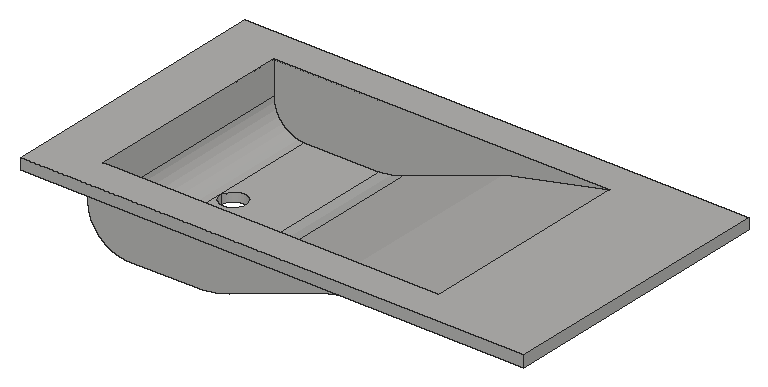
Revit family "Crinale", category Generic Models, Revit 2012
Parameters
  Drain Cover Finish [instance] = Ceramic Finish M30-White Gloss
  Ceramic Finish [instance] = Ceramic Finish M30-White Gloss
Reference planes (cm)
  plane 1 "Center (Front/Back)": y = 0
  plane 2: z = 82
  plane 3 "Center (Left/Right)": x = 0
Forms (cm)
  Extrusion 1, solid, material "Ceramic Finish M30-White Gloss" <- "Ceramic Finish"
    sketch origin (0, 0, 82) x (1, 0, 0) y (0, 1, 0)
      loop
        line (-45, 25) -> (-45, -25) -> (45, -25) -> (45, 25) -> (-45, 25)
      loop
        line (-35, 19) -> (-35, -19) -> (25, -19) -> (25, 19) -> (-35, 19)
    from 11 to 13
  Extrusion 2, solid, material "Ceramic Finish M30-White Gloss" <- "Ceramic Finish"
    sketch origin (0, 0, 0) x (1, 0, 0) y (0, 0, 1)
      loop
        line (-35, 93) -> (-36.5, 93) -> (-36.5, 89)
        arc (-36.5, 89) -> (-34.4497, 84.0503) -> (-29.5, 82) r 7
        line (-29.5, 82) -> (-16.0974, 82)
        arc (-16.0974, 82) -> (-13.6098, 82.3216) -> (-11.2205, 83.085) r 13.9058
        arc (-11.2205, 83.085) -> (5.1257, 89.0185) -> (22.0535, 93) r 148.4612
        line (22.0535, 93) -> (25, 93) -> (25, 95)
        arc (25, 95) -> (6.258, 90.9119) -> (-11.8088, 84.4648) r 149.9612
        arc (-11.8088, 84.4648) -> (-13.9245, 83.7883) -> (-16.127, 83.5) r 12.4058
        line (-16.127, 83.5) -> (-29.5, 83.5)
        arc (-29.5, 83.5) -> (-33.3891, 85.1109) -> (-35, 89) r 5.5
        line (-35, 89) -> (-35, 93)
    from -19 to 19
  Extrusion 3, solid, material "Ceramic Finish M30-White Gloss" <- "Ceramic Finish"
    sketch origin (0, 0, 0) x (1, 0, 0) y (0, 0, 1)
      loop
        line (-36.5, 93) -> (-36.5, 89)
        arc (-36.5, 89) -> (-34.4497, 84.0503) -> (-29.5, 82) r 7
        line (-29.5, 82) -> (-16.0974, 82)
        arc (-16.0974, 82) -> (-13.6098, 82.3216) -> (-11.2205, 83.085) r 13.9058
        arc (-11.2205, 83.085) -> (5.1257, 89.0185) -> (22.0535, 93) r 148.4612
        line (22.0535, 93) -> (-36.5, 93)
    from 19 to 20.5
  Extrusion 4, solid, material "Ceramic Finish M30-White Gloss" <- "Ceramic Finish"
    sketch origin (0, 39.5, 0) x (1, 0, 0) y (0, 0, 1)
      loop
        line (-36.5, 93) -> (-36.5, 89)
        arc (-36.5, 89) -> (-34.4497, 84.0503) -> (-29.5, 82) r 7
        line (-29.5, 82) -> (-16.0974, 82)
        arc (-16.0974, 82) -> (-13.6098, 82.3216) -> (-11.2205, 83.085) r 13.9058
        arc (-11.2205, 83.085) -> (5.1257, 89.0185) -> (22.0535, 93) r 148.4612
        line (22.0535, 93) -> (-36.5, 93)
    from 19 to 20.5
  Extrusion 5, void
    sketch origin (0, 0, 82) x (1, 0, 0) y (0, 1, 0)
      loop
        circle (-26.9684, 0) r 2.25
    from 0 to 1.5
Cuts and joins
  Extrusion 5 cuts Extrusion 2
  joined: Extrusion 1, Extrusion 2, Extrusion 3, Extrusion 4
Dimensions and locks (cm)
  aligned and locked: plane 2 to level
